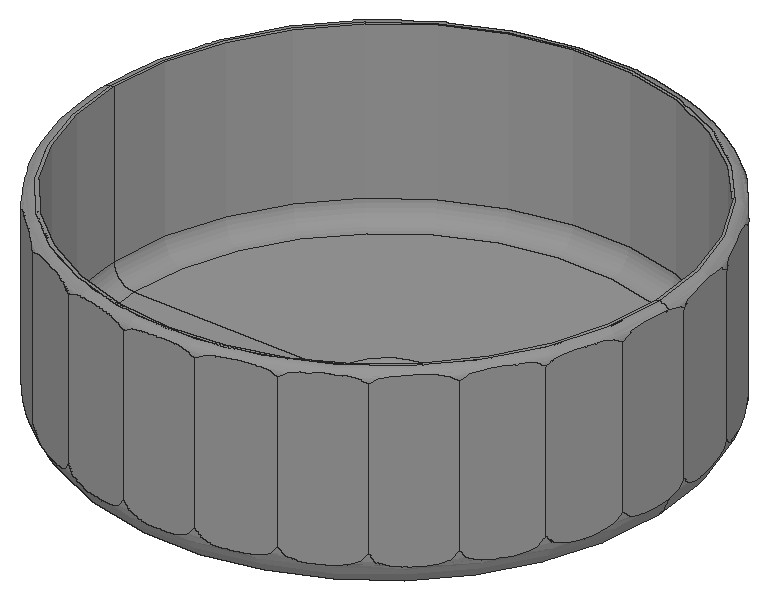
Revit family "L.FIRENZE BLANCO SANDSTONE", category Plumbing Fixtures, Revit 2014
Reference planes
  plane 1 "Center (Front/Back)": y = 0
  plane 2: z = 0
  plane 3 "Center (Left/Right)": x = 0
Forms (mm)
  Revolve 1, solid
    sketch origin (0, 0, 0) x (1, 0, 0) y (0, 0, 1)
      loop
        line (200, 150) -> (200, 35)
        arc (200, 35) -> (195.607, 24.393) -> (185, 20) r 15
        line (185, 20) -> (38.508, 20)
        arc (38.508, 20) -> (35.198, 19.436) -> (32.261, 17.809) r 10
        line (32.261, 17.809) -> (26.628, 13.303)
        arc (26.628, 13.303) -> (23.586, 9.478) -> (22.5, 4.713) r 11
        line (22.5, 4.713) -> (22.5, 0) -> (180, 0)
        arc (180, 0) -> (201.213, 8.787) -> (210, 30) r 30
        line (210, 30) -> (210, 142.185)
        arc (210, 142.185) -> (207.711, 147.711) -> (202.185, 150) r 7.815
        line (202.185, 150) -> (200, 150)
      axis (0, 0) -> (0, 150)
    angle from 0 to 360
  Extrusion 2, void
    sketch origin (0, 0, 0) x (1, 0, 0) y (0, 1, 0)
      loop
        line (0, 210) -> (-52.225, 203.402) -> (-101.168, 184.024) -> (-143.755, 153.083) -> (-177.309, 112.524) -> (-199.722, 64.894) -> (-209.586, 13.186) -> (-206.28, -39.35) -> (-190.014, -89.414) -> (-161.808, -133.859) -> (-123.435, -169.894) -> (-77.306, -195.253) -> (-26.32, -208.344) -> (26.32, -208.344) -> (77.306, -195.253) -> (123.435, -169.894) -> (161.808, -133.859) -> (190.014, -89.414) -> (206.28, -39.35) -> (209.586, 13.186) -> (199.722, 64.894) -> (177.309, 112.524) -> (143.755, 153.083) -> (101.168, 184.024) -> (52.225, 203.402) -> (0, 210)
      loop
        line (0, 224.08) -> (-55.726, 217.04) -> (-107.951, 196.363) -> (-153.393, 163.347) -> (-189.197, 120.068) -> (-213.113, 69.244) -> (-223.638, 14.07) -> (-220.111, -41.988) -> (-202.753, -95.409) -> (-172.656, -142.834) -> (-131.711, -181.284) -> (-82.489, -208.344) -> (-28.085, -222.313) -> (28.085, -222.313) -> (82.489, -208.344) -> (131.711, -181.284) -> (172.656, -142.834) -> (202.753, -95.409) -> (220.111, -41.988) -> (223.638, 14.07) -> (213.113, 69.244) -> (189.197, 120.068) -> (153.393, 163.347) -> (107.951, 196.363) -> (55.726, 217.04) -> (0, 224.08)
    from 0 to 150
Cuts and joins
  Extrusion 2 cuts Revolve 1
Dimensions and locks
  aligned and locked: level to plane 2
